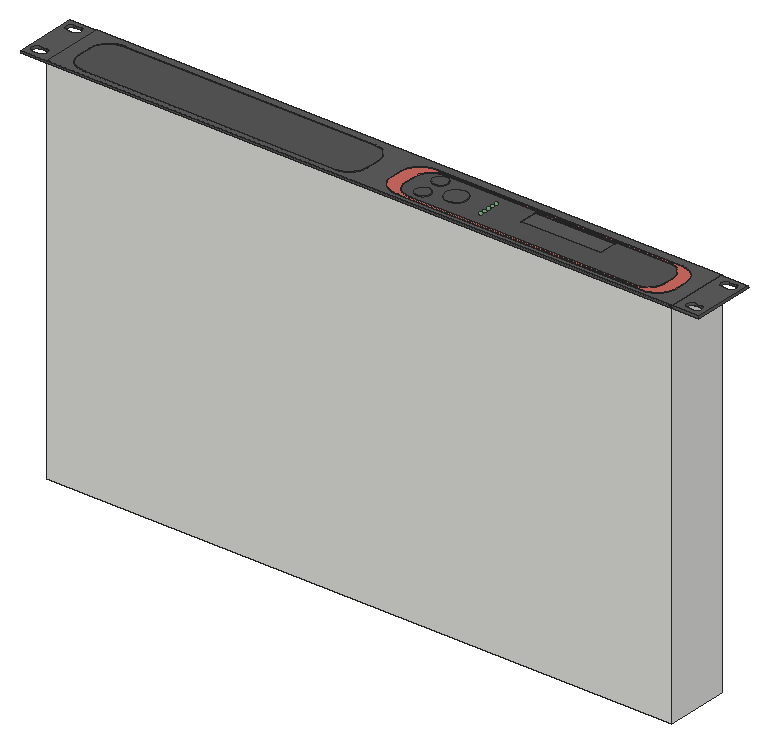
Revit family "Electronics_Fixed-Audio-DSP_Biamp_Tesira_TesiraFORTE_DAN-VT__", category Communication Devices, host Face, Revit 2020
Family settings
  Host = Face
  Maintain Annotation Orientation = No
  Round Connector Dimension = Use Diameter
  Part Type = Normal
  OmniClass Number = 23.85.10.11.11
  OmniClass Title = Sound and Signal Devices
  Cut with Voids When Loaded = No
  Shared = No
  Room Calculation Point = No
Parameters (values of type "DAN VT")
  Width = 19.00"  # constant formula
  Weight = 8.00 lbf  # constant formula
  Voltage = 120 V
  URL = "https://www.biamp.com/"
  Type 2 = yes
  Temperature Range = "32 - 104° F (0 - 40° C)"  # constant formula
  THD+N = "0dB gain, +4dBu input: < 0.006%; 54dB gain, -50dBu input: < 0.040%"  # constant formula
  Sampling Rate = "48kHz\r"  # constant formula
  Sample Rate = "USB 48kHz"  # constant formula
  Product data url = "https://www.bimobject.com/biamp/product/tesiraforte-dan-vt_fixed-audio-dsp"
  Product Page URL = "https://www.biamp.com/products/tesira-fixed-audio-dsp#tesiraforte-dan-vt"
  Product Documentation Link = "https://downloads.biamp.com/assets/docs/default-source/data-sheets/biamp_data_sheet_tesiraforte_dan_vt_oct20.pdf"
  Power Factor = 1
  Phantom Power = "+48VDC (7mA/input)\r"  # constant formula
  Output Impedance = "207 ohm"  # constant formula
  Number of Poles = 1
  Number of Channels = "up to 8"  # constant formula
  Maximum Output = "+24dBu, +18dBu, +12dBu, +6dBu, 0dBu, -31dBu"  # constant formula
  Maximum Input = "+24dBu"  # constant formula
  Max Power Consumption = 35 W
  Input Impedance = "8 kohm"  # constant formula
  Input Gain Range = "0-66dB"  # constant formula
  Humidity = "0-98% relative humidity (non-condensing)"  # constant formula
  Housing Material = Biamp - Metal - Silver
  Height = 1.75"  # constant formula
  Frequency Response = "20Hz to 20kHz, +4dBu output: +0.25 dB/-0.5 dB"  # constant formula
  EIN = "no weighting, 22Hz to 22kHz: < -125dBu"  # constant formula
  Dynamic Range = "22Hz to 22kHz, 0dB gain: > 108dB\r"  # constant formula
  Depth = 10.50"  # constant formula
  DAN/AVB = yes
  VoIP+Telephone Line = yes
  Type1 = yes
  Model = "TesiraFORTÉ DAN VT"  # constant formula
  Manufacturer = "Biamp"  # constant formula
  Description = "TesiraFORTÉ® DAN VT Fixed I/O DSP"  # constant formula
  Default Elevation = 48.00"
  Cross Talk = "0dB gain, +4dBu input: < -85dB; 54dB gain, -50dBu input: < -75dB"  # constant formula
  Connector Description = "100-240VAC 50/60Hz"
  Compliance = "FCC Part 15B (USA), CE marked (Europe), UL und C-UL listed (USA and Canada), RCM (Australia), RoHS Directive (Europe)"  # constant formula
  Bit Depth = "16- or 24-bit"  # constant formula
  Assembly Code = ""
  Apparent Load = Max Power Consumption / Power Factor  # 35 VA
  Altitude = "0-6,600 ft (0-2000m) MSL"  # constant formula
  A/D - D/A Converters = "24-bit"  # constant formula
Reference planes (in)
  plane 1 "Center (Front/Back)": y = 0
  plane 2: z = 0
  plane 3 "Center (Left/Right)": x = 0
  plane 4: x = 18.35304
  plane 5: y = 0.60831
  plane 6: y = -0.59466
  plane 7: y = -0.86817
  plane 8: y = 0.88183
  plane 9: x = 18.67652
  plane 10: x = -0.32348
Forms (in)
  Extrusion 1, solid, material "Biamp - Plastic - Red", detail levels medium+fine
    sketch origin (9.17652, -0.86817, -5.18699) x (1, 0, 0) y (0, 1, 0)
      loop
        arc (0.91084, 1.51843) -> (0.52967, 1.36054) -> (0.37178, 0.97937) r 0.53906
        line (0.37178, 0.97937) -> (0.37178, 0.67022)
        arc (0.37178, 0.67022) -> (0.52998, 0.28829) -> (0.91192, 0.13009) r 0.54014
        line (0.91192, 0.13009) -> (7.81996, 0.13009)
        arc (7.81996, 0.13009) -> (8.20114, 0.28798) -> (8.35902, 0.66915) r 0.53906
        line (8.35902, 0.66915) -> (8.35902, 0.97937)
        arc (8.35902, 0.97937) -> (8.20114, 1.36054) -> (7.81996, 1.51843) r 0.53906
        line (7.81996, 1.51843) -> (0.91084, 1.51843)
      loop
        line (1.22622, 0.20126) -> (7.54738, 0.20126)
        arc (7.54738, 0.20126) -> (7.87547, 0.33716) -> (8.01138, 0.66526) r 0.464
        line (8.01138, 0.66526) -> (8.01138, 0.95126)
        arc (8.01138, 0.95126) -> (7.86493, 1.30482) -> (7.51138, 1.45126) r 0.5
        line (7.51138, 1.45126) -> (1.22622, 1.45126)
        arc (1.22622, 1.45126) -> (0.89753, 1.31511) -> (0.76138, 0.98642) r 0.46484
        line (0.76138, 0.98642) -> (0.76138, 0.66611)
        arc (0.76138, 0.66611) -> (0.89753, 0.33741) -> (1.22622, 0.20126) r 0.46484
    from 5.24135 to 5.25
  Extrusion 2, solid, material "Biamp - Metal - Black"
    sketch origin (9.17652, -0.86817, -5.18699) x (1, 0, 0) y (0, 1, 0)
      loop
        line (-9.5, 1.75) -> (-9.5, 0) -> (9.5, 0) -> (9.5, 1.75) -> (-9.5, 1.75)
    from 5.18699 to 5.24135
  Extrusion 3, void, detail levels medium+fine
    sketch origin (9.17652, -0.86817, -5.18699) x (1, 0, 0) y (0, 1, 0)
      loop
        arc (9.0994, 1.61097) -> (8.96492, 1.47649) -> (9.0994, 1.342) r 0.13448
        line (9.0994, 1.342) -> (9.25364, 1.342)
        arc (9.25364, 1.342) -> (9.38812, 1.47649) -> (9.25364, 1.61097) r 0.13448
        line (9.25364, 1.61097) -> (9.0994, 1.61097)
      loop
        arc (9.0994, 0.408) -> (8.96492, 0.27351) -> (9.0994, 0.13903) r 0.13448
        line (9.0994, 0.13903) -> (9.25364, 0.13903)
        arc (9.25364, 0.13903) -> (9.38812, 0.27351) -> (9.25364, 0.408) r 0.13448
        line (9.25364, 0.408) -> (9.0994, 0.408)
      loop
        arc (-9.25364, 1.61097) -> (-9.38812, 1.47649) -> (-9.25364, 1.342) r 0.13448
        line (-9.25364, 1.342) -> (-9.0994, 1.342)
        arc (-9.0994, 1.342) -> (-8.96492, 1.47649) -> (-9.0994, 1.61097) r 0.13448
        line (-9.0994, 1.61097) -> (-9.25364, 1.61097)
      loop
        arc (-9.25364, 0.408) -> (-9.38812, 0.27351) -> (-9.25364, 0.13903) r 0.13448
        line (-9.25364, 0.13903) -> (-9.0994, 0.13903)
        arc (-9.0994, 0.13903) -> (-8.96492, 0.27351) -> (-9.0994, 0.408) r 0.13448
        line (-9.0994, 0.408) -> (-9.25364, 0.408)
    from 5.18699 to 5.24135
  Extrusion 4, solid, material "Biamp - Glass - Gray", detail levels medium+fine
    sketch origin (9.17652, -0.86817, -5.18699) x (1, 0, 0) y (0, 1, 0)
      loop
        line (3.83453, 0.85955) -> (6.08453, 0.85955) -> (6.08453, 1.3833) -> (3.83453, 1.3833) -> (3.83453, 0.85955)
    from 5.24135 to 5.25
  Extrusion 5, solid, material "Biamp - Plastic - Black", detail levels medium+fine
    sketch origin (9.17652, -0.86817, -5.18699) x (1, 0, 0) y (0, 1, 0)
      loop
        arc (1.22622, 1.45126) -> (0.89753, 1.31511) -> (0.76138, 0.98642) r 0.46484
        line (0.76138, 0.98642) -> (0.76138, 0.66611)
        arc (0.76138, 0.66611) -> (0.89753, 0.33741) -> (1.22622, 0.20126) r 0.46484
        line (1.22622, 0.20126) -> (7.54738, 0.20126)
        arc (7.54738, 0.20126) -> (7.87547, 0.33716) -> (8.01138, 0.66526) r 0.464
        line (8.01138, 0.66526) -> (8.01138, 0.95126)
        arc (8.01138, 0.95126) -> (7.86493, 1.30482) -> (7.51138, 1.45126) r 0.5
        line (7.51138, 1.45126) -> (1.22622, 1.45126)
      loop
        line (3.83453, 0.85955) -> (6.08453, 0.85955) -> (6.08453, 1.3833) -> (3.83453, 1.3833) -> (3.83453, 0.85955)
    from 5.24135 to 5.24805
  Extrusion 6, solid, material "Biamp - Metal - Black", detail levels medium+fine
    sketch origin (9.17652, -0.86817, -5.18699) x (1, 0, 0) y (0, 1, 0)
      loop
        line (-8.75742, 1.75) -> (-8.75742, 0) -> (8.75742, 0) -> (8.75742, 1.75) -> (-8.75742, 1.75)
      loop
        line (8.35902, 0.66915) -> (8.35902, 0.97937)
        arc (8.35902, 0.97937) -> (8.20114, 1.36054) -> (7.81996, 1.51843) r 0.53906
        line (7.81996, 1.51843) -> (0.91084, 1.51843)
        arc (0.91084, 1.51843) -> (0.52967, 1.36054) -> (0.37178, 0.97937) r 0.53906
        line (0.37178, 0.97937) -> (0.37178, 0.67022)
        arc (0.37178, 0.67022) -> (0.52998, 0.28829) -> (0.91192, 0.13009) r 0.54014
        line (0.91192, 0.13009) -> (7.81996, 0.13009)
        arc (7.81996, 0.13009) -> (8.20114, 0.28798) -> (8.35902, 0.66915) r 0.53906
      loop
        line (-0.80003, 1.5425) -> (-7.86956, 1.5425)
        arc (-7.86956, 1.5425) -> (-8.22311, 1.39606) -> (-8.36956, 1.0425) r 0.5
        line (-8.36956, 1.0425) -> (-8.36956, 0.64195)
        arc (-8.36956, 0.64195) -> (-8.22311, 0.2884) -> (-7.86956, 0.14195) r 0.5
        line (-7.86956, 0.14195) -> (-0.80003, 0.14195)
        arc (-0.80003, 0.14195) -> (-0.44647, 0.2884) -> (-0.30003, 0.64195) r 0.5
        line (-0.30003, 0.64195) -> (-0.30003, 1.0425)
        arc (-0.30003, 1.0425) -> (-0.44647, 1.39606) -> (-0.80003, 1.5425) r 0.5
    from 5.24135 to 5.25
  Extrusion 7, solid, material "Biamp - Plastic - Black(Grid)", detail levels medium+fine
    sketch origin (9.17652, -0.86817, -5.18699) x (1, 0, 0) y (0, 1, 0)
      loop
        arc (-7.86956, 1.5425) -> (-8.22311, 1.39606) -> (-8.36956, 1.0425) r 0.5
        line (-8.36956, 1.0425) -> (-8.36956, 0.64195)
        arc (-8.36956, 0.64195) -> (-8.22311, 0.2884) -> (-7.86956, 0.14195) r 0.5
        line (-7.86956, 0.14195) -> (-0.80003, 0.14195)
        arc (-0.80003, 0.14195) -> (-0.44647, 0.2884) -> (-0.30003, 0.64195) r 0.5
        line (-0.30003, 0.64195) -> (-0.30003, 1.0425)
        arc (-0.30003, 1.0425) -> (-0.44647, 1.39606) -> (-0.80003, 1.5425) r 0.5
        line (-0.80003, 1.5425) -> (-7.86956, 1.5425)
    from 5.24135 to 5.25
  Extrusion 8, solid, material "Biamp - Metal - Silver" <- "Housing Material"
    sketch origin (9.17652, -0.86817, -5.18699) x (1, 0, 0) y (0, 0, -1)
      loop
        line (-8.75742, 5.25) -> (-8.75742, -5.18699) -> (8.75742, -5.18699) -> (8.75742, 5.25) -> (-8.75742, 5.25)
    from 0 to 1.75
  Extrusion 9, solid, material "Biamp - Metal - Silver" <- "Housing Material", visible <- "Type1"
    sketch origin (9.17652, -0.86817, -5.18699) x (1, 0, 0) y (0, 1, 0)
      loop
        line (6.99083, 1.52401) -> (6.99083, 0.59433) -> (8.24083, 0.59433) -> (8.24083, 1.52401) -> (6.99083, 1.52401)
      loop
        line (6.26249, 0.22588) -> (6.26249, 0.78659) -> (5.55775, 0.78659) -> (5.55775, 0.22588) -> (6.26249, 0.22588)
      loop
        line (3.15045, 0.26348) -> (3.23229, 0.72758) -> (2.37912, 0.72758) -> (2.46096, 0.26348) -> (3.15045, 0.26348)
      loop
        line (1.96267, 0.22749) -> (1.96267, 0.70184) -> (1.42474, 0.70184) -> (1.42474, 0.22749) -> (1.96267, 0.22749)
      loop
        line (0.16865, 0.53988) -> (-0.7835, 0.53988) -> (-0.7835, 0.22373) -> (0.16865, 0.22373) -> (0.16865, 0.53988)
      loop
        line (-4.9886, 1.33802) -> (-5.65288, 1.33802) -> (-5.65288, 0.88089) -> (-4.9886, 0.88089) -> (-4.9886, 1.33802)
      loop
        line (-5.96289, 1.33802) -> (-6.62717, 1.33802) -> (-6.62717, 0.88089) -> (-5.96289, 0.88089) -> (-5.96289, 1.33802)
      loop
        line (-6.93718, 1.33802) -> (-7.60145, 1.33802) -> (-7.60145, 0.88089) -> (-6.93718, 0.88089) -> (-6.93718, 1.33802)
      loop
        line (-7.91147, 1.33802) -> (-8.57574, 1.33802) -> (-8.57574, 0.88089) -> (-7.91147, 0.88089) -> (-7.91147, 1.33802)
      loop
        line (-5.65288, 0.68086) -> (-5.65288, 0.22373) -> (-4.9886, 0.22373) -> (-4.9886, 0.68086) -> (-5.65288, 0.68086)
      loop
        line (-5.96289, 0.68086) -> (-6.62717, 0.68086) -> (-6.62717, 0.22373) -> (-5.96289, 0.22373) -> (-5.96289, 0.68086)
      loop
        line (-6.93718, 0.22373) -> (-6.93718, 0.68086) -> (-7.60145, 0.68086) -> (-7.60145, 0.22373) -> (-6.93718, 0.22373)
      loop
        line (-7.91147, 0.22373) -> (-7.91147, 0.68086) -> (-8.57574, 0.68086) -> (-8.57574, 0.22373) -> (-7.91147, 0.22373)
    from -5.26366 to -5.25
  Extrusion 10, solid, material "Biamp - Metal - Silver" <- "Housing Material", visible <- "DAN/AVB"
    sketch origin (9.17652, -0.86817, -5.18699) x (1, 0, 0) y (0, 1, 0)
      loop
        line (5.02811, 0.22588) -> (5.02811, 0.78659) -> (4.32337, 0.78659) -> (4.32337, 0.22588) -> (5.02811, 0.22588)
    from -5.26366 to -5.25
  Extrusion 11, solid, material "Biamp - Metal - Silver" <- "Housing Material", visible <- "Type 2"
    sketch origin (9.17652, -0.86817, -5.18699) x (1, 0, 0) y (0, 1, 0)
      loop
        line (2.80571, 1.33802) -> (2.14143, 1.33802) -> (2.14143, 0.88089) -> (2.80571, 0.88089) -> (2.80571, 1.33802)
      loop
        line (1.83142, 1.33802) -> (1.16714, 1.33802) -> (1.16714, 0.88089) -> (1.83142, 0.88089) -> (1.83142, 1.33802)
      loop
        line (0.85713, 0.88089) -> (0.85713, 1.33802) -> (0.19286, 1.33802) -> (0.19286, 0.88089) -> (0.85713, 0.88089)
      loop
        line (-0.11716, 1.33802) -> (-0.78143, 1.33802) -> (-0.78143, 0.88089) -> (-0.11716, 0.88089) -> (-0.11716, 1.33802)
      loop
        line (-1.09145, 1.33802) -> (-1.75572, 1.33802) -> (-1.75572, 0.88089) -> (-1.09145, 0.88089) -> (-1.09145, 1.33802)
      loop
        line (-2.06574, 0.88089) -> (-2.06574, 1.33802) -> (-2.73001, 1.33802) -> (-2.73001, 0.88089) -> (-2.06574, 0.88089)
      loop
        line (-3.04003, 0.88089) -> (-3.04003, 1.33802) -> (-3.7043, 1.33802) -> (-3.7043, 0.88089) -> (-3.04003, 0.88089)
      loop
        line (-3.04003, 0.68086) -> (-3.7043, 0.68086) -> (-3.7043, 0.22373) -> (-3.04003, 0.22373) -> (-3.04003, 0.68086)
      loop
        line (-4.01432, 0.22373) -> (-4.01432, 0.68086) -> (-4.67859, 0.68086) -> (-4.67859, 0.22373) -> (-4.01432, 0.22373)
      loop
        line (-4.67859, 0.88089) -> (-4.01432, 0.88089) -> (-4.01432, 1.33802) -> (-4.67859, 1.33802) -> (-4.67859, 0.88089)
      loop
        line (-2.73001, 0.68086) -> (-2.73001, 0.22373) -> (-2.06574, 0.22373) -> (-2.06574, 0.68086) -> (-2.73001, 0.68086)
      loop
        line (-1.75572, 0.68086) -> (-1.75572, 0.22373) -> (-1.09145, 0.22373) -> (-1.09145, 0.68086) -> (-1.75572, 0.68086)
    from -5.26366 to -5.25
  Extrusion 12, solid, material "Biamp - Metal - Silver" <- "Housing Material", visible <- "VoIP+Telephone Line"
    sketch origin (9.17652, -0.86817, -5.18699) x (1, 0, 0) y (0, 1, 0)
      loop
        line (5.55775, 1.47409) -> (5.55775, 0.91338) -> (6.26249, 0.91338) -> (6.26249, 1.47409) -> (5.55775, 1.47409)
      loop
        line (3.47667, 1.47409) -> (2.97667, 1.47409) -> (2.97667, 0.91338) -> (3.47667, 0.91338) -> (3.47667, 1.47409)
    from -5.26366 to -5.25
  Extrusion 13, solid, material "Biamp - Plastic - Black", detail levels fine
    sketch origin (0, 0, 0) x (1, 0, 0) y (0, 1, 0)
      loop
        circle (10.50753, 0.30721) r 0.2
      loop
        circle (10.50753, -0.30721) r 0.2
      loop
        circle (11.19836, 0) r 0.29
    from 0 to 0.06301
  Revolve 14, solid, material "Biamp - Plastic - Green", detail levels fine
    sketch origin (12.10249, -1.02037, -5.09642) x (0, 1, 0) y (0, 0, 1)
      loop
        arc (1.33717, 5.15748) -> (1.29771, 5.19694) -> (1.25824, 5.15748) r 0.03946
        line (1.25824, 5.15748) -> (1.33717, 5.15748)
      loop
        arc (1.19785, 5.15748) -> (1.15839, 5.19694) -> (1.11892, 5.15748) r 0.03946
        line (1.11892, 5.15748) -> (1.19785, 5.15748)
      loop
        arc (1.05983, 5.15748) -> (1.02037, 5.19694) -> (0.9809, 5.15748) r 0.03946
        line (0.9809, 5.15748) -> (1.05983, 5.15748)
      loop
        arc (0.92095, 5.15748) -> (0.88149, 5.19694) -> (0.84202, 5.15748) r 0.03946
        line (0.84202, 5.15748) -> (0.92095, 5.15748)
      loop
        arc (0.78497, 5.15748) -> (0.7455, 5.19694) -> (0.70604, 5.15748) r 0.03946
        line (0.70604, 5.15748) -> (0.78497, 5.15748)
      axis (1.33717, 5.15748) -> (0.70604, 5.15748)
    angle from 270 to 450
Cuts and joins
  Extrusion 3 cuts Extrusion 2
Lines and regions (in)
  Masking region 1
    outline origin (0, 0, 0) x (1, 0, 0) y (0, 0, 1)
      loop
        line (-0.32348, 0) -> (0.4191, 0) -> (0.4191, -10.43699) -> (17.93394, -10.43699) -> (17.93394, 0) -> (18.67652, 0) -> (18.67652, 0.06301) -> (-0.32348, 0.06301) -> (-0.32348, 0)
  symbolic lines
    curve 1: line (-0.32348, 0, 0) -> (18.67652, 0, 0)
Dimensions and locks (in)
  aligned and locked: plane 2 to host face
  aligned and locked: level to host face
Connectors (in)
  electrical at (16.79235, 0.191, -10.45064), driven by "Number of Poles", driven by "Voltage", driven by "Apparent Load", driven by "Power Factor", driven by "Connector Description"
    settings: on Extrusion 9, index 1, voltage 120 V, apparent load 0 VA, apparent load phase1 35 VA, apparent load phase2 0 VA, apparent load phase3 0 VA, power factor 1, load classification "Other", number of poles 1, system type 31, power factor state 1, is connector primary yes, connector utility no, sub classification motor no, connector description "100-240VAC 50/60Hz"
  electrical at (15.08664, -0.36194, -10.45064)
    settings: on Extrusion 9, index 2, voltage 0 V, apparent load 0 VA, apparent load phase1 0 VA, apparent load phase2 0 VA, apparent load phase3 0 VA, power factor 1, load classification "Other", number of poles 1, system type 5, power factor state 1, is connector primary no, connector utility no, sub classification motor no, connector description "RJ-45; Network control connector"
  electrical at (13.85226, -0.36194, -10.45064)
    settings: on Extrusion 10, index 3, voltage 0 V, apparent load 0 VA, apparent load phase1 0 VA, apparent load phase2 0 VA, apparent load phase3 0 VA, power factor 1, load classification "Other", number of poles 1, system type 5, power factor state 1, is connector primary no, connector utility no, sub classification motor no, connector description "RJ-45; Dante"
  electrical at (11.98222, -0.37264, -10.45064)
    settings: on Extrusion 9, index 4, voltage 0 V, apparent load 0 VA, apparent load phase1 0 VA, apparent load phase2 0 VA, apparent load phase3 0 VA, power factor 1, load classification "Other", number of poles 1, system type 5, power factor state 1, is connector primary no, connector utility no, sub classification motor no, connector description "RS-232; Serial Port"
  electrical at (11.65009, 0.24129, -10.45064)
    settings: on Extrusion 11, index 5, voltage 0 V, apparent load 0 VA, apparent load phase1 0 VA, apparent load phase2 0 VA, apparent load phase3 0 VA, power factor 1, load classification "Other", number of poles 1, system type 5, power factor state 1, is connector primary no, connector utility no, sub classification motor no, connector description "Analog Input"
  electrical at (10.6758, 0.24129, -10.45064)
    settings: on Extrusion 11, index 6, voltage 0 V, apparent load 0 VA, apparent load phase1 0 VA, apparent load phase2 0 VA, apparent load phase3 0 VA, power factor 1, load classification "Other", number of poles 1, system type 5, power factor state 1, is connector primary no, connector utility no, sub classification motor no, connector description "Analog Input"
  electrical at (9.70151, 0.24129, -10.45064)
    settings: on Extrusion 11, index 7, voltage 0 V, apparent load 0 VA, apparent load phase1 0 VA, apparent load phase2 0 VA, apparent load phase3 0 VA, power factor 1, load classification "Other", number of poles 1, system type 5, power factor state 1, is connector primary no, connector utility no, sub classification motor no, connector description "Analog Input"
  electrical at (8.72722, 0.24129, -10.45064)
    settings: on Extrusion 11, index 8, voltage 0 V, apparent load 0 VA, apparent load phase1 0 VA, apparent load phase2 0 VA, apparent load phase3 0 VA, power factor 1, load classification "Other", number of poles 1, system type 5, power factor state 1, is connector primary no, connector utility no, sub classification motor no, connector description "Analog Input"
  electrical at (7.75293, 0.24129, -10.45064)
    settings: on Extrusion 11, index 9, voltage 0 V, apparent load 0 VA, apparent load phase1 0 VA, apparent load phase2 0 VA, apparent load phase3 0 VA, power factor 1, load classification "Other", number of poles 1, system type 5, power factor state 1, is connector primary no, connector utility no, sub classification motor no, connector description "Analog Input"
  electrical at (6.77864, 0.24129, -10.45064)
    settings: on Extrusion 11, index 10, voltage 0 V, apparent load 0 VA, apparent load phase1 0 VA, apparent load phase2 0 VA, apparent load phase3 0 VA, power factor 1, load classification "Other", number of poles 1, system type 5, power factor state 1, is connector primary no, connector utility no, sub classification motor no, connector description "Analog Input"
  electrical at (5.80436, 0.24129, -10.45064)
    settings: on Extrusion 11, index 11, voltage 0 V, apparent load 0 VA, apparent load phase1 0 VA, apparent load phase2 0 VA, apparent load phase3 0 VA, power factor 1, load classification "Other", number of poles 1, system type 5, power factor state 1, is connector primary no, connector utility no, sub classification motor no, connector description "Analog Input"
  electrical at (4.83007, 0.24129, -10.45064)
    settings: on Extrusion 11, index 12, voltage 0 V, apparent load 0 VA, apparent load phase1 0 VA, apparent load phase2 0 VA, apparent load phase3 0 VA, power factor 1, load classification "Other", number of poles 1, system type 5, power factor state 1, is connector primary no, connector utility no, sub classification motor no, connector description "Analog Input"
  electrical at (3.85578, 0.24129, -10.45064)
    settings: on Extrusion 9, index 13, voltage 0 V, apparent load 0 VA, apparent load phase1 0 VA, apparent load phase2 0 VA, apparent load phase3 0 VA, power factor 1, load classification "Other", number of poles 1, system type 5, power factor state 1, is connector primary no, connector utility no, sub classification motor no, connector description "Analog Input"
  electrical at (2.88149, 0.24129, -10.45064)
    settings: on Extrusion 9, index 14, voltage 0 V, apparent load 0 VA, apparent load phase1 0 VA, apparent load phase2 0 VA, apparent load phase3 0 VA, power factor 1, load classification "Other", number of poles 1, system type 5, power factor state 1, is connector primary no, connector utility no, sub classification motor no, connector description "Analog Input"
  electrical at (1.9072, 0.24129, -10.45064)
    settings: on Extrusion 9, index 15, voltage 0 V, apparent load 0 VA, apparent load phase1 0 VA, apparent load phase2 0 VA, apparent load phase3 0 VA, power factor 1, load classification "Other", number of poles 1, system type 5, power factor state 1, is connector primary no, connector utility no, sub classification motor no, connector description "Analog Input"
  electrical at (0.93291, 0.24129, -10.45064)
    settings: on Extrusion 9, index 16, voltage 0 V, apparent load 0 VA, apparent load phase1 0 VA, apparent load phase2 0 VA, apparent load phase3 0 VA, power factor 1, load classification "Other", number of poles 1, system type 5, power factor state 1, is connector primary no, connector utility no, sub classification motor no, connector description "Analog Input"
  electrical at (0.93291, -0.41588, -10.45064)
    settings: on Extrusion 9, index 17, voltage 0 V, apparent load 0 VA, apparent load phase1 0 VA, apparent load phase2 0 VA, apparent load phase3 0 VA, power factor 1, load classification "Other", number of poles 1, system type 5, power factor state 1, is connector primary no, connector utility no, sub classification motor no, connector description "Analog Output"
  electrical at (1.9072, -0.41588, -10.45064)
    settings: on Extrusion 9, index 18, voltage 0 V, apparent load 0 VA, apparent load phase1 0 VA, apparent load phase2 0 VA, apparent load phase3 0 VA, power factor 1, load classification "Other", number of poles 1, system type 5, power factor state 1, is connector primary no, connector utility no, sub classification motor no, connector description "Analog Output"
  electrical at (2.88149, -0.41588, -10.45064)
    settings: on Extrusion 9, index 19, voltage 0 V, apparent load 0 VA, apparent load phase1 0 VA, apparent load phase2 0 VA, apparent load phase3 0 VA, power factor 1, load classification "Other", number of poles 1, system type 5, power factor state 1, is connector primary no, connector utility no, sub classification motor no, connector description "Analog Output"
  electrical at (3.85578, -0.41588, -10.45064)
    settings: on Extrusion 9, index 20, voltage 0 V, apparent load 0 VA, apparent load phase1 0 VA, apparent load phase2 0 VA, apparent load phase3 0 VA, power factor 1, load classification "Other", number of poles 1, system type 5, power factor state 1, is connector primary no, connector utility no, sub classification motor no, connector description "Analog Output"
  electrical at (4.83007, -0.41588, -10.45064)
    settings: on Extrusion 11, index 21, voltage 0 V, apparent load 0 VA, apparent load phase1 0 VA, apparent load phase2 0 VA, apparent load phase3 0 VA, power factor 1, load classification "Other", number of poles 1, system type 5, power factor state 1, is connector primary no, connector utility no, sub classification motor no, connector description "Analog Output"
  electrical at (5.80436, -0.41588, -10.45064)
    settings: on Extrusion 11, index 22, voltage 0 V, apparent load 0 VA, apparent load phase1 0 VA, apparent load phase2 0 VA, apparent load phase3 0 VA, power factor 1, load classification "Other", number of poles 1, system type 5, power factor state 1, is connector primary no, connector utility no, sub classification motor no, connector description "Analog Output"
  electrical at (6.77864, -0.41588, -10.45064)
    settings: on Extrusion 11, index 23, voltage 0 V, apparent load 0 VA, apparent load phase1 0 VA, apparent load phase2 0 VA, apparent load phase3 0 VA, power factor 1, load classification "Other", number of poles 1, system type 5, power factor state 1, is connector primary no, connector utility no, sub classification motor no, connector description "Analog Output"
  electrical at (7.75293, -0.41588, -10.45064)
    settings: on Extrusion 11, index 24, voltage 0 V, apparent load 0 VA, apparent load phase1 0 VA, apparent load phase2 0 VA, apparent load phase3 0 VA, power factor 1, load classification "Other", number of poles 1, system type 5, power factor state 1, is connector primary no, connector utility no, sub classification motor no, connector description "Analog Output"
  electrical at (8.8691, -0.48637, -10.45064)
    settings: on Extrusion 9, index 25, voltage 0 V, apparent load 0 VA, apparent load phase1 0 VA, apparent load phase2 0 VA, apparent load phase3 0 VA, power factor 1, load classification "Other", number of poles 1, system type 5, power factor state 1, is connector primary no, connector utility no, sub classification motor no, connector description "GPIO; Logic I/O"
  electrical at (10.87022, -0.4035, -10.45064)
    settings: on Extrusion 9, index 26, voltage 0 V, apparent load 0 VA, apparent load phase1 0 VA, apparent load phase2 0 VA, apparent load phase3 0 VA, power factor 1, load classification "Other", number of poles 1, system type 5, power factor state 1, is connector primary no, connector utility no, sub classification motor no, connector description "USB"
  electrical at (15.08664, 0.32556, -10.45064)
    settings: on Extrusion 12, index 27, voltage 0 V, apparent load 0 VA, apparent load phase1 0 VA, apparent load phase2 0 VA, apparent load phase3 0 VA, power factor 1, load classification "Other", number of poles 1, system type 5, power factor state 1, is connector primary no, connector utility no, sub classification motor no, connector description "RJ-45; VoIP"
  electrical at (12.40319, 0.32556, -10.45064)
    settings: on Extrusion 12, index 28, voltage 0 V, apparent load 0 VA, apparent load phase1 0 VA, apparent load phase2 0 VA, apparent load phase3 0 VA, power factor 1, load classification "Other", number of poles 1, system type 5, power factor state 1, is connector primary no, connector utility no, sub classification motor no, connector description "RJ-11; Telephone line"
